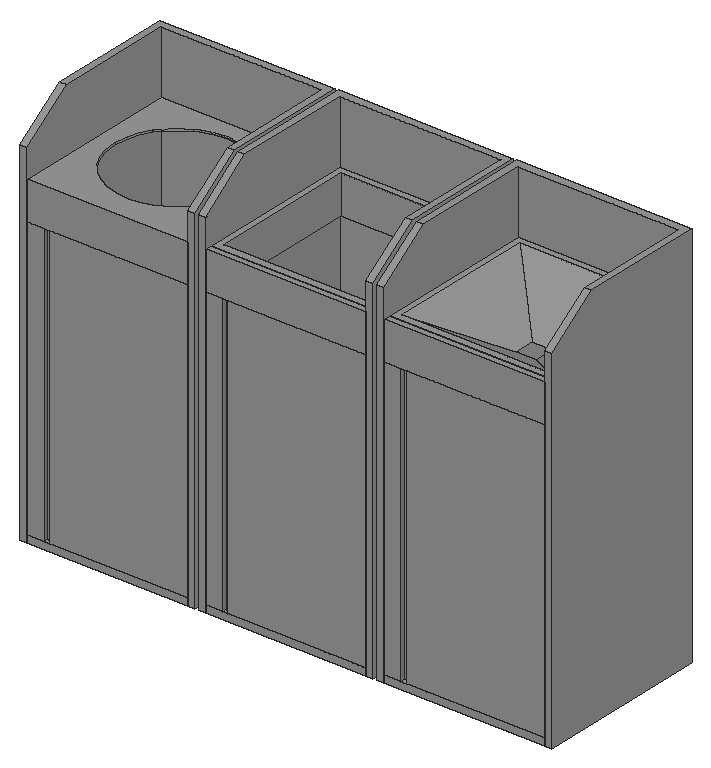
Revit family "Урна для раздельного сбора мусора ПА047", category Антураж, Revit 2017
Family settings
  На основе рабочей плоскости = Нет
  Всегда вертикально = Да
  При загрузке вырезать с полостями = Нет
  Источник визуального образа = Геометрия семейства
  Общий = Нет
  Точка расчета площади = Нет
Parameters (values of type "Урна для раздельного сбора мусора ПА047")
  Стоимость = 59000
  Изготовитель = "ООО «Хоббика»"
  Высота = 0 mm
  URL = "https://hobbyka.ru/product/urna_pa047/?sphrase_id=82881"
  ADSK_Размер_Ширина = 500 mm
  ADSK_Размер_Длина = 500 mm
  ADSK_Размер_Высота = 1110 mm
  ADSK_Объем = 100.00 m³
  ADSK_Наименование = "Урна для раздельного сбора мусора ПА047"
  ADSK_Материал урны = Сталь, нержавеющая, шлифованная
  ADSK_Масса = 0.00 kg
  ADSK_Код изделия = "9697"
Reference planes
  plane 1 "По центру (Вперед/Назад)": y = 0
  plane 2: z = 0
  plane 3 "По центру (Влево/Вправо)": x = 0
  plane 4: z = 1110
  plane 5: y = -250
Forms (mm)
  Extrusion 1, solid, material "Сталь, нержавеющая, шлифованная" <- "ADSK_Материал урны"
    sketch origin (0, 0, 0) x (0, 1, 0) y (0, 0, 1)
      loop
        line (0, 1110) -> (-357.185, 1110) -> (-500, 1010) -> (-500, 0) -> (0, 0) -> (0, 1110)
    from 480 to 500
  Extrusion 2, solid, material "Сталь, нержавеющая, шлифованная" <- "ADSK_Материал урны"
    sketch origin (0, 0, 0) x (0, 1, 0) y (0, 0, 1)
      loop
        line (0, 1110) -> (-357.185, 1110) -> (-500, 1010) -> (-500, 0) -> (0, 0) -> (0, 1110)
    from 0 to 20
  Extrusion 3, solid, material "Сталь, нержавеющая, шлифованная" <- "ADSK_Материал урны"
    sketch origin (510, 0, 0) x (0, 1, 0) y (0, 0, 1)
      loop
        line (0, 1110) -> (-357.185, 1110) -> (-500, 1010) -> (-500, 0) -> (0, 0) -> (0, 1110)
    from 480 to 500
  Extrusion 4, solid, material "Сталь, нержавеющая, шлифованная" <- "ADSK_Материал урны"
    sketch origin (510, 0, 0) x (0, 1, 0) y (0, 0, 1)
      loop
        line (0, 1110) -> (-357.185, 1110) -> (-500, 1010) -> (-500, 0) -> (0, 0) -> (0, 1110)
    from 0 to 20
  Extrusion 5, solid, material "Сталь, нержавеющая, шлифованная" <- "ADSK_Материал урны"
    sketch origin (540, 0, 0) x (0, 1, 0) y (0, 0, 1)
      loop
        line (0, 1110) -> (-357.185, 1110) -> (-500, 1010) -> (-500, 0) -> (0, 0) -> (0, 1110)
    from 480 to 500
  Extrusion 6, solid, material "Сталь, нержавеющая, шлифованная" <- "ADSK_Материал урны"
    sketch origin (1020, 0, 0) x (0, 1, 0) y (0, 0, 1)
      loop
        line (0, 1110) -> (-357.185, 1110) -> (-500, 1010) -> (-500, 0) -> (0, 0) -> (0, 1110)
    from 480 to 500
  Extrusion 7, solid, material "Сталь, нержавеющая, шлифованная" <- "ADSK_Материал урны"
    sketch origin (0, 0, 0) x (1, 0, 0) y (0, 1, 0)
      loop
        line (20, 0) -> (20, -20) -> (480, -20) -> (480, 0) -> (20, 0)
    from 0 to 1110
  Extrusion 8, solid, material "Сталь, нержавеющая, шлифованная" <- "ADSK_Материал урны"
    sketch origin (510, 0, 0) x (1, 0, 0) y (0, 1, 0)
      loop
        line (20, 0) -> (20, -20) -> (480, -20) -> (480, 0) -> (20, 0)
    from 0 to 1110
  Extrusion 9, solid, material "Сталь, нержавеющая, шлифованная" <- "ADSK_Материал урны"
    sketch origin (1020, 0, 0) x (1, 0, 0) y (0, 1, 0)
      loop
        line (20, 0) -> (20, -20) -> (480, -20) -> (480, 0) -> (20, 0)
    from 0 to 1110
  Extrusion 10, solid, material "Сталь, нержавеющая, шлифованная" <- "ADSK_Материал урны"
    sketch origin (0, 0, 0) x (1, 0, 0) y (0, 1, 0)
      loop
        line (20, -20) -> (20, -500) -> (480, -500) -> (480, -20) -> (20, -20)
      loop
        line (530, -20) -> (530, -500) -> (990, -500) -> (990, -20) -> (530, -20)
      loop
        line (1040, -20) -> (1040, -500) -> (1500, -500) -> (1500, -20) -> (1040, -20)
    from 0 to 20
  Extrusion 11, solid, material "Сталь, нержавеющая, шлифованная" <- "ADSK_Материал урны"
    sketch origin (0, 0, 0) x (1, 0, 0) y (0, 1, 0)
      loop
        line (20, -500) -> (70, -500)
        spline (70, -500) -> (69.983, -498.872) -> (69.921, -497.742) -> (69.814, -496.61) -> (69.663, -495.475) -> (69.467, -494.338) -> (69.226, -493.199) -> (68.94, -492.057) -> (68.61, -490.914) -> (68.235, -489.768) -> (67.815, -488.62) -> (67.351, -487.469) -> (66.841, -486.316)
        spline (66.841, -486.316) -> (69.215, -486.366) -> (71.433, -486.613) -> (73.494, -487.059) -> (75.399, -487.704) -> (77.147, -488.546) -> (78.738, -489.587) -> (80.173, -490.827) -> (81.452, -492.265) -> (82.573, -493.901) -> (83.539, -495.736) -> (84.348, -497.769) -> (85, -500)
        line (85, -500) -> (480, -500) -> (480, -480) -> (20, -480) -> (20, -500)
    from 20 to 820
  Extrusion 12, solid, material "Сталь, нержавеющая, шлифованная" <- "ADSK_Материал урны", not visible
    sketch origin (0, 0, 0) x (1, 0, 0) y (0, 1, 0)
      loop
        line (20, -500) -> (70, -500)
        spline (70, -500) -> (69.983, -498.872) -> (69.921, -497.742) -> (69.814, -496.61) -> (69.663, -495.475) -> (69.467, -494.338) -> (69.226, -493.199) -> (68.94, -492.057) -> (68.61, -490.914) -> (68.235, -489.768) -> (67.815, -488.62) -> (67.351, -487.469) -> (66.841, -486.316)
        spline (66.841, -486.316) -> (69.215, -486.366) -> (71.433, -486.613) -> (73.494, -487.059) -> (75.399, -487.704) -> (77.147, -488.546) -> (78.738, -489.587) -> (80.173, -490.827) -> (81.452, -492.265) -> (82.573, -493.901) -> (83.539, -495.736) -> (84.348, -497.769) -> (85, -500)
        line (85, -500) -> (480, -500) -> (480, -480) -> (20, -480) -> (20, -500)
    from 20 to 820
  Extrusion 13, solid, material "Сталь, нержавеющая, шлифованная" <- "ADSK_Материал урны"
    sketch origin (510, 0, 0) x (1, 0, 0) y (0, 1, 0)
      loop
        line (20, -500) -> (70, -500)
        spline (70, -500) -> (69.983, -498.872) -> (69.921, -497.742) -> (69.814, -496.61) -> (69.663, -495.475) -> (69.467, -494.338) -> (69.226, -493.199) -> (68.94, -492.057) -> (68.61, -490.914) -> (68.235, -489.768) -> (67.815, -488.62) -> (67.351, -487.469) -> (66.841, -486.316)
        spline (66.841, -486.316) -> (69.215, -486.366) -> (71.433, -486.613) -> (73.494, -487.059) -> (75.399, -487.704) -> (77.147, -488.546) -> (78.738, -489.587) -> (80.173, -490.827) -> (81.452, -492.265) -> (82.573, -493.901) -> (83.539, -495.736) -> (84.348, -497.769) -> (85, -500)
        line (85, -500) -> (480, -500) -> (480, -480) -> (20, -480) -> (20, -500)
    from 20 to 820
  Extrusion 14, solid, material "Сталь, нержавеющая, шлифованная" <- "ADSK_Материал урны"
    sketch origin (1020, 0, 0) x (1, 0, 0) y (0, 1, 0)
      loop
        line (20, -500) -> (70, -500)
        spline (70, -500) -> (69.983, -498.872) -> (69.921, -497.742) -> (69.814, -496.61) -> (69.663, -495.475) -> (69.467, -494.338) -> (69.226, -493.199) -> (68.94, -492.057) -> (68.61, -490.914) -> (68.235, -489.768) -> (67.815, -488.62) -> (67.351, -487.469) -> (66.841, -486.316)
        spline (66.841, -486.316) -> (69.215, -486.366) -> (71.433, -486.613) -> (73.494, -487.059) -> (75.399, -487.704) -> (77.147, -488.546) -> (78.738, -489.587) -> (80.173, -490.827) -> (81.452, -492.265) -> (82.573, -493.901) -> (83.539, -495.736) -> (84.348, -497.769) -> (85, -500)
        line (85, -500) -> (480, -500) -> (480, -480) -> (20, -480) -> (20, -500)
    from 20 to 820
  Extrusion 15, solid, material "Сталь, нержавеющая, шлифованная" <- "ADSK_Материал урны"
    sketch origin (0, 0, 0) x (1, 0, 0) y (0, 1, 0)
      loop
        line (20, -480) -> (20, -500) -> (480, -500) -> (480, -480) -> (20, -480)
    from 820 to 930
  Extrusion 16, solid, material "Сталь, нержавеющая, шлифованная" <- "ADSK_Материал урны"
    sketch origin (510, 0, 0) x (1, 0, 0) y (0, 1, 0)
      loop
        line (20, -480) -> (20, -500) -> (480, -500) -> (480, -480) -> (20, -480)
    from 820 to 930
  Extrusion 17, solid, material "Сталь, нержавеющая, шлифованная" <- "ADSK_Материал урны"
    sketch origin (1020, 0, 0) x (1, 0, 0) y (0, 1, 0)
      loop
        line (20, -480) -> (20, -500) -> (480, -500) -> (480, -480) -> (20, -480)
    from 820 to 930
  Extrusion 18, solid, material "Сталь, нержавеющая, шлифованная" <- "ADSK_Материал урны"
    sketch origin (0, 0, 0) x (1, 0, 0) y (0, 1, 0)
      loop
        line (530, -20) -> (530, -480) -> (990, -480) -> (990, -20) -> (530, -20)
      loop
        line (550, -40) -> (550, -460) -> (970, -460) -> (970, -40) -> (550, -40)
    from 820 to 930
  Sweep 19, solid, material "Сталь, нержавеющая, шлифованная" <- "ADSK_Материал урны"
    path origin (0, 0, 0) x (1, 0, 0) y (0, 1, 0)
      loop
        line (1040, -20) -> (1040, -480) -> (1500, -480) -> (1500, -20) -> (1040, -20)
    profile origin (1270, -20, 0) x (0, 1, 0) y (0, 0, 1)
      loop
        line (0, 930) -> (-20, 930) -> (-200, 820) -> (0, 820) -> (0, 930)
  Extrusion 20, solid, material "Сталь, нержавеющая, шлифованная" <- "ADSK_Материал урны"
    sketch origin (0, 0, 0) x (1, 0, 0) y (0, 1, 0)
      loop
        line (20, -20) -> (20, -500) -> (480, -500) -> (480, -20) -> (20, -20)
      loop
        circle (250, -250) r 180
    from 925 to 930
Cuts and joins
  joined: Extrusion 1, Extrusion 2, Extrusion 7
  joined: Extrusion 3, Extrusion 4, Extrusion 8
  joined: Extrusion 5, Extrusion 6, Extrusion 9
  joined: Extrusion 15, Extrusion 20
Dimensions and locks
  "ADSK_Размер_Высота": plane 4 to level
  Extrusion 2 to plane 1 "По центру (Вперед/Назад)" = 500 mm
  aligned and locked: level to plane 2
Automatic sketch dimensions
  Extrusion 11 sketch curve to Extrusion 11 sketch curve = 0 mm
  Extrusion 11 sketch curve to Extrusion 11 sketch curve = 13.684 mm
  Extrusion 11 sketch curve to Extrusion 11 sketch curve = 20 mm
  Extrusion 11 sketch curve to Extrusion 11 sketch curve = 46.841 mm
  Extrusion 11 sketch curve to Extrusion 11 sketch curve = 3.159 mm
  Extrusion 11 sketch curve to Extrusion 11 sketch curve = 15 mm
  Extrusion 11 sketch curve to Extrusion 11 sketch curve = 395 mm
  Extrusion 12 sketch curve to Extrusion 12 sketch curve = 0 mm
  Extrusion 12 sketch curve to Extrusion 12 sketch curve = 13.684 mm
  Extrusion 12 sketch curve to Extrusion 12 sketch curve = 20 mm
  Extrusion 12 sketch curve to Extrusion 12 sketch curve = 46.841 mm
  Extrusion 12 sketch curve to Extrusion 12 sketch curve = 3.159 mm
  Extrusion 12 sketch curve to Extrusion 12 sketch curve = 15 mm
  Extrusion 12 sketch curve to Extrusion 12 sketch curve = 395 mm
  Extrusion 13 sketch curve to Extrusion 13 sketch curve = 0 mm
  Extrusion 13 sketch curve to Extrusion 13 sketch curve = 13.684 mm
  Extrusion 13 sketch curve to Extrusion 13 sketch curve = 20 mm
  Extrusion 13 sketch curve to Extrusion 13 sketch curve = 46.841 mm
  Extrusion 13 sketch curve to Extrusion 13 sketch curve = 3.159 mm
  Extrusion 13 sketch curve to Extrusion 13 sketch curve = 15 mm
  Extrusion 13 sketch curve to Extrusion 13 sketch curve = 395 mm
  Extrusion 14 sketch curve to Extrusion 14 sketch curve = 0 mm
  Extrusion 14 sketch curve to Extrusion 14 sketch curve = 13.684 mm
  Extrusion 14 sketch curve to Extrusion 14 sketch curve = 20 mm
  Extrusion 14 sketch curve to Extrusion 14 sketch curve = 46.841 mm
  Extrusion 14 sketch curve to Extrusion 14 sketch curve = 3.159 mm
  Extrusion 14 sketch curve to Extrusion 14 sketch curve = 15 mm
  Extrusion 14 sketch curve to Extrusion 14 sketch curve = 395 mm
  Extrusion 1 sketch curve to level = 0 mm
  Extrusion 1 sketch curve to plane 4 = 0 mm
  Extrusion 1 sketch curve to plane 1 "По центру (Вперед/Назад)" = 0 mm
  plane 1 "По центру (Вперед/Назад)" to Extrusion 1 sketch curve = 357.185 mm
  plane 1 "По центру (Вперед/Назад)" to Extrusion 1 sketch curve = 500 mm
  Extrusion 1 sketch curve to plane 4 = 100 mm
  Extrusion 2 sketch curve to level = 0 mm
  Extrusion 2 sketch curve to plane 4 = 0 mm
  Extrusion 2 sketch curve to plane 1 "По центру (Вперед/Назад)" = 0 mm
  plane 1 "По центру (Вперед/Назад)" to Extrusion 2 sketch curve = 357.185 mm
  plane 1 "По центру (Вперед/Назад)" to Extrusion 2 sketch curve = 500 mm
  Extrusion 2 sketch curve to plane 4 = 100 mm
  Extrusion 3 sketch curve to level = 0 mm
  Extrusion 3 sketch curve to plane 4 = 0 mm
  Extrusion 3 sketch curve to plane 1 "По центру (Вперед/Назад)" = 0 mm
  Extrusion 3 sketch curve to Extrusion 3 sketch curve = 357.185 mm
  Extrusion 3 sketch curve to Extrusion 3 sketch curve = 500 mm
  Extrusion 3 sketch curve to plane 4 = 100 mm
  Extrusion 4 sketch curve to level = 0 mm
  Extrusion 4 sketch curve to plane 4 = 0 mm
  Extrusion 4 sketch curve to plane 1 "По центру (Вперед/Назад)" = 0 mm
  Extrusion 4 sketch curve to Extrusion 4 sketch curve = 357.185 mm
  Extrusion 4 sketch curve to Extrusion 4 sketch curve = 500 mm
  Extrusion 4 sketch curve to plane 4 = 100 mm
  Extrusion 5 sketch curve to level = 0 mm
  Extrusion 5 sketch curve to plane 4 = 0 mm
  Extrusion 5 sketch curve to plane 1 "По центру (Вперед/Назад)" = 0 mm
  Extrusion 5 sketch curve to Extrusion 5 sketch curve = 357.185 mm
  Extrusion 5 sketch curve to Extrusion 5 sketch curve = 500 mm
  Extrusion 5 sketch curve to plane 4 = 100 mm
  Extrusion 6 sketch curve to level = 0 mm
  Extrusion 6 sketch curve to plane 4 = 0 mm
  Extrusion 6 sketch curve to plane 1 "По центру (Вперед/Назад)" = 0 mm
  Extrusion 6 sketch curve to Extrusion 6 sketch curve = 357.185 mm
  Extrusion 6 sketch curve to Extrusion 6 sketch curve = 500 mm
  Extrusion 6 sketch curve to plane 4 = 100 mm
  plane 1 "По центру (Вперед/Назад)" to Extrusion 7 sketch curve = 0 mm
  plane 3 "По центру (Влево/Вправо)" to Extrusion 7 sketch curve = 20 mm
  plane 1 "По центру (Вперед/Назад)" to Extrusion 7 sketch curve = 20 mm
  Extrusion 7 sketch curve to Extrusion 7 sketch curve = 460 mm
  plane 1 "По центру (Вперед/Назад)" to Extrusion 8 sketch curve = 0 mm
  plane 1 "По центру (Вперед/Назад)" to Extrusion 8 sketch curve = 20 mm
  plane 3 "По центру (Влево/Вправо)" to Extrusion 8 sketch curve = 530 mm
  Extrusion 8 sketch curve to Extrusion 8 sketch curve = 460 mm
  plane 1 "По центру (Вперед/Назад)" to Extrusion 9 sketch curve = 0 mm
  plane 1 "По центру (Вперед/Назад)" to Extrusion 9 sketch curve = 20 mm
  plane 3 "По центру (Влево/Вправо)" to Extrusion 9 sketch curve = 1040 mm
  Extrusion 9 sketch curve to Extrusion 9 sketch curve = 460 mm
  plane 3 "По центру (Влево/Вправо)" to Extrusion 10 sketch curve = 20 mm
  Extrusion 10 sketch curve to Extrusion 10 sketch curve = 460 mm  (x3)
  Extrusion 10 sketch curve to Extrusion 10 sketch curve = 50 mm  (x2)
  plane 1 "По центру (Вперед/Назад)" to Extrusion 10 sketch curve = 500 mm  (x2)
  Extrusion 10 sketch curve to Extrusion 10 sketch curve = 0 mm
  plane 1 "По центру (Вперед/Назад)" to Extrusion 10 sketch curve = 20 mm  (x3)
  plane 3 "По центру (Влево/Вправо)" to Extrusion 15 sketch curve = 20 mm
  Extrusion 15 sketch curve to Extrusion 15 sketch curve = 460 mm
  plane 1 "По центру (Вперед/Назад)" to Extrusion 15 sketch curve = 500 mm
  Extrusion 15 sketch curve to Extrusion 15 sketch curve = 20 mm
  plane 3 "По центру (Влево/Вправо)" to Extrusion 16 sketch curve = 530 mm
  Extrusion 16 sketch curve to Extrusion 16 sketch curve = 460 mm
  plane 1 "По центру (Вперед/Назад)" to Extrusion 16 sketch curve = 500 mm
  Extrusion 16 sketch curve to Extrusion 16 sketch curve = 20 mm
  plane 1 "По центру (Вперед/Назад)" to Extrusion 17 sketch curve = 500 mm
  plane 3 "По центру (Влево/Вправо)" to Extrusion 17 sketch curve = 1040 mm
  Extrusion 17 sketch curve to Extrusion 17 sketch curve = 460 mm
  Extrusion 17 sketch curve to Extrusion 17 sketch curve = 20 mm
  plane 3 "По центру (Влево/Вправо)" to Extrusion 18 sketch curve = 530 mm
  Extrusion 18 sketch curve to Extrusion 18 sketch curve = 20 mm  (x3)
  Extrusion 18 sketch curve to Extrusion 18 sketch curve = 420 mm
  plane 1 "По центру (Вперед/Назад)" to Extrusion 18 sketch curve = 480 mm
  plane 1 "По центру (Вперед/Назад)" to Extrusion 18 sketch curve = 40 mm
  plane 1 "По центру (Вперед/Назад)" to Extrusion 18 sketch curve = 20 mm
  plane 1 "По центру (Вперед/Назад)" to Sweep 19 sketch curve = 480 mm
  plane 3 "По центру (Влево/Вправо)" to Sweep 19 sketch curve = 1500 mm
  plane 1 "По центру (Вперед/Назад)" to Sweep 19 sketch curve = 20 mm
  Sweep 19 sketch curve to Sweep 19 sketch curve = 460 mm
  level to Sweep 19 sketch curve = 930 mm
  Sweep 19 sketch curve to profile plane = 0 mm
  level to Sweep 19 sketch curve = 820 mm
  profile plane to Sweep 19 sketch curve = 20 mm
  Sweep 19 sketch curve to plane 5 = 30 mm
  plane 3 "По центру (Влево/Вправо)" to Extrusion 20 sketch curve = 20 mm
  plane 1 "По центру (Вперед/Назад)" to Extrusion 20 sketch curve = 250 mm
  Extrusion 20 sketch curve to Extrusion 20 sketch curve = 230 mm  (x2)
  plane 1 "По центру (Вперед/Назад)" to Extrusion 20 sketch curve = 20 mm
  Extrusion 20 sketch curve to Extrusion 20 sketch curve = 480 mm
  radius of Extrusion 20 sketch curve = 180 mm
